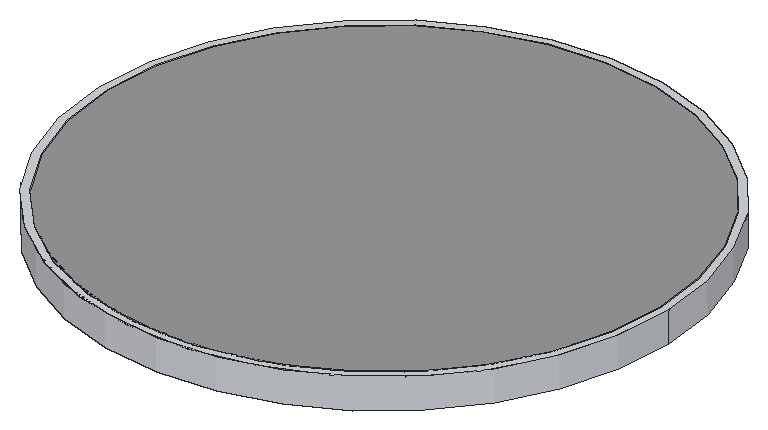
Revit family "2071300", category Lighting Fixtures, host Face, Revit 2018
Family settings
  Host = Face
  Round Connector Dimension = Use Diameter
  Part Type = Junction Box
  OmniClass Number = 23.80.70.00
  OmniClass Title = Lighting
  Cut with Voids When Loaded = No
  Light Source = Yes
  Shared = No
  Room Calculation Point = No
Parameters (values of type "2071300 COLOSSAL 1200 940 OP DIR WHT SSC")
  iner diameter = 1168 mm
  Weight = "n/a"
  Wattage Comments = ""
  Wattage = 30 W
  WarrantyStartDate [instance] = "n/a"
  WarrantyGuarantorParts = "n/a"
  WarrantyDurationUnit = "n/a"
  WarrantyDurationParts = ""
  WarrantyDescription = "http://www.sylvania-lighting.com"
  built-in parameter 1150110 = 1 (stored number, unit not read)
  Voltage = 230 V
  URL = "0.95"
  TypeName = "COLOSSAL 1200mm 940 OPAL DIR WHITE SSC"
  Type Image = <None>
  Type Comments = "n/a"
  built-in parameter 1114217 = 1 (stored number, unit not read)
  Tilt Angle = -90.00°
  built-in parameter 1150109 = 1 (stored number, unit not read)
  built-in parameter 1150134 = (empty or 0)
  built-in parameter 1150113 = 1 (stored number, unit not read)
  SerialNumber [instance] = "n/a"
  Photometric Web File = "2071300.ies"
  Material_3_SYL = LED-Sylvania
  PowerFactor = 0
  PowerConsumption = "Lighting"
  NominalLength = 1168 mm
  NominalHeight = 93 mm
  NominalDepth = 1168 mm
  Name = "COLOSSAL 1200mm 940 OPAL DIR WHITE SSC"
  ModelReference = Name  # "COLOSSAL 1200mm 940 OPAL DIR WHITE SSC"
  ModelNumber = "2071300"
  Model = Name  # "COLOSSAL 1200mm 940 OPAL DIR WHITE SSC"
  Material = "Feilo Sylvania"
  ManufacturerName = "122 lm/W"
  Manufacturer = ""
  LuminousEfficacy = ""
  built-in parameter 1150105 = 270.44 (stored number, unit not read)
  Lumens = 3398.4 lm
  LuminaireType = "0"
  built-in parameter 1150115 = 1 (stored number, unit not read)
  LightOutputRatio = "LED"
  built-in parameter 1150137 = (empty or 0)
  built-in parameter 1150139 = (empty or 0)
  LampsType = Lamp  # "n/a"
  LampNominalLuminous = "4000 K"
  LampMacAdamStep = "90"
  LampColourTemperature = "LED"
  LampColourRenderingIndex = "16500"
  built-in parameter 1150112 = 1 (stored number, unit not read)
  built-in parameter 1150114 = 1 (stored number, unit not read)
  Lamp = "n/a"
  Keynote = "n/a"
  InstallationDate [instance] = "n/a"
  InputVoltage = "0"
  InputNominalFrequency = "4000"
  built-in parameter 1150132 = (empty or 0)
  built-in parameter 1150102 = (empty or 0)
  built-in parameter 1150107 = 3000 (stored number, unit not read)
  built-in parameter 1150138 = (empty or 0)
  IngressProtection = "IfcLightFixtureType"
  ImpactProtectionIndex = "IfcLightFixtureType"
  built-in parameter 1150106 = 2.7044 (stored number, unit not read)
  IfcExportType = "IfcLightFixtureType"
  IfcExportAs = "Class I"
  Emit from Circle Diameter = 385 mm
  Emit Shape Visible in Rendering = no
  ElectricShockClassification = "122"
  built-in parameter 1150104 = 10.524 (stored number, unit not read)
  DocumentationLiterature = "http://www.sylvania-lighting.com/product/en-int/products/2071300"
  DimmingControlOptions = "n/a"
  Material_2_SYL = Polycarbonate_Sylvania_White
  Dimming Lamp Color Temperature Shift = <None>
  Description = "1200mm diameter circular architectural luminaire, can be surface mounted or suspended. Powder coated aluminium housing (RAL9016) with polycarbonate opal diffuser. Direct light distribution, 18745lm luminuous flux, 153.6W system power, 122lm/W luminiaire efficacy. Sylsmart Standalone enabled. Colour rendering index Ra >90, 4000K Neutral White LED, chromaticity tolerance of 3-step MacAdam ellipse. IP40/IP20, IK03. 450mA drive current. Electrical protection Class1, 220-240V. Reported lifetime 66k hours L90B10."
  Default Elevation = 1219.2 mm
  CreatedOn = "23/03/2022"
  CreatedBy = "@sylvania-lighting.com"
  Cost = 0
  Color Filter = 16777215
  built-in parameter 1114216 [instance] = (empty or 0)
  ClassificationValue = "EF_70_80"
  ClassificationName = "Uniclass2015"
  Material_1_SYL = Polycarbonate_Sylvania_Opal
  BarCode [instance] = "n/a"
  built-in parameter 1114218 = 1 (stored number, unit not read)
  built-in parameter 1150133 = 10 (stored number, unit not read)
  AssetType = "Fixed"
  AssetIdentifier [instance] = "n/a"
  Assembly Code = "D5020200"
  Apparent Load = 153.6 VA
  Material_4_SYL = none
Reference planes
  plane 1 "Center (Front/Back)": y = 0
  plane 2: z = 0
  plane 3 "Center (Left/Right)": x = 0
  plane 4: z = 1.161
  plane 5: z = 16.161
  plane 6: y = 584
  plane 7: y = -584
  plane 8: x = 85
  plane 9: x = -85
  plane 10: through (0, 0, 1219.2) normal (0.5, 0.866, 0)
  plane 11: through (42.5, 73.612, 1219.2) normal (0.5, 0.866, 0)
  plane 12: through (-42.5, -73.612, 1219.2) normal (0.5, 0.866, 0)
  plane 13: through (0, 0, 1219.2) normal (0.5, -0.866, 0)
  plane 14: through (-42.5, 73.612, 1219.2) normal (0.5, -0.866, 0)
  plane 15: through (42.5, -73.612, 1219.2) normal (0.5, -0.866, 0)
  plane 16: z = 93
  plane 17: y = 584
  plane 18: y = -584
  plane 19: y = -429
  plane 20: x = -584
  plane 21: x = 584
Forms (mm)
  Extrusion 1, solid, detail levels medium+fine
    sketch origin (0, 0, 0) x (0.866025, -0.5, 0) y (0.5, 0.866025, 0)
      loop
        circle (-50, 86.603) r 22
    from 0 to 2
  Extrusion 2, solid, detail levels medium+fine
    sketch origin (0, 0, 0) x (0.866025, -0.5, 0) y (0.5, 0.866025, 0)
      loop
        circle (100, 0) r 22
      loop
        circle (-50, -86.603) r 22
    from 0 to 2
  Extrusion 3, solid, detail levels medium+fine
    sketch origin (0, 0, 0) x (1, 0, 0) y (0, 1, 0)
      loop
        circle (0, 0) r 584
    from 30 to 93
  Extrusion 4, void
    sketch origin (0, 0, 0) x (1, 0, 0) y (0, 1, 0)
      loop
        circle (0, 0) r 568
    from 96.588 to 37.292
  Extrusion 5, solid, material "Glass, White, High Luminance", detail levels fine
    sketch origin (0, 0, 0) x (1, 0, 0) y (0, 1, 0)
      loop
        circle (0, 0) r 568
    from 88.022 to 93
  Extrusion 6, solid, detail levels coarse
    sketch origin (0, 0, 0) x (1, 0, 0) y (0, 1, 0)
      loop
        line (-584, 584) -> (-584, -584) -> (584, -584) -> (584, 584) -> (-584, 584)
    from 0 to 93
  Blend 7, solid, detail levels medium+fine
    base sketch origin (-10.814, 11.299, 29.922) x (1, 0, 0) y (0, 1, 0)
      loop
        line (-402.654, -330.622) -> (397.346, -330.622) -> (482.346, -183.398) -> (82.346, 509.423) -> (-87.654, 509.423) -> (-487.654, -183.398) -> (-402.654, -330.622)
    top sketch origin (-10.814, 11.299, 29.922) x (1, 0, 0) y (0, 1, 0)
      loop
        line (-363.391, -306.496) -> (364.632, -306.496) -> (449.632, -159.272) -> (87.132, 468.597) -> (-82.868, 468.597) -> (-445.368, -159.272) -> (-363.391, -306.496)
    from 0 to -30
Cuts and joins
  Extrusion 4 cuts Extrusion 1
  Extrusion 4 cuts Extrusion 2
  Extrusion 4 cuts Extrusion 3
Lines and regions (mm)
  model lines, detail levels medium+fine
    curve 1: circle (0, 0, 0) r 155 normal (0, 0, 1)
  reference lines
    curve 2: circle (0, 0, 0) r 489 normal (0, 0, 1)
    curve 3: circle (0, 0, 0) r 521 normal (0, 0, 1)
    curve 4: line (0, 0, 0) -> (606.218, -350, 0)
    curve 5: line (0, 0, 0) -> (0, 825, 0)
    curve 6: line (0, 0, 0) -> (-623.538, -360, 0)
    curve 7: line (639.013, -270.785, 0) -> (85, 49.075, 0)
    curve 8: line (563.718, -423.612, 0) -> (0, -98.15, 0)
    curve 9: line (85, 49.075, 0) -> (85, 825, 0)
    curve 10: line (-85, 49.075, 0) -> (-85, 825, 0)
    curve 11: line (-85, 49.075, 0) -> (-666.038, -286.388, 0)
    curve 12: line (-581.038, -433.612, 0) -> (0, -98.15, 0)
Dimensions and locks
  plane 4 to level = 1.161 mm
  locked: plane 5 to plane 4 at 15
  "NominalDepth": plane 6 to plane 7
  plane 6 to plane 1 "Center (Front/Back)" to plane 7 = 584 mm, 584 mm
  "NominalHeight": level to plane 16
  equal spacing: plane 17, plane 1 "Center (Front/Back)", plane 18
  "NominalLength": plane 20 to plane 21
  equal spacing: plane 20, plane 3 "Center (Left/Right)", plane 21
  aligned and locked: plane 2 to host face
  aligned and locked: level to host face
  aligned and locked: plane 6 to Extrusion 6
Automatic sketch dimensions
  host sketch curve to host sketch curve = 2438.4 mm  (x2)
  Extrusion 1 sketch curve to plane 3 "Center (Left/Right)" = 0 mm
  Extrusion 1 sketch curve to plane 1 "Center (Front/Back)" = 100 mm
  plane 1 "Center (Front/Back)" to Extrusion 2 sketch curve = 50 mm
  Extrusion 2 sketch curve to plane 3 "Center (Left/Right)" = 86.603 mm
  Extrusion 2 sketch curve to Extrusion 2 sketch curve = 150 mm
  Extrusion 2 sketch curve to Extrusion 2 sketch curve = 86.603 mm
  plane 1 "Center (Front/Back)" to curve 1 = 0 mm
  curve 1 to plane 3 "Center (Left/Right)" = 0 mm
  plane 1 "Center (Front/Back)" to Extrusion 3 sketch curve = 0 mm
  Extrusion 3 sketch curve to plane 3 "Center (Left/Right)" = 0 mm
  plane 1 "Center (Front/Back)" to Extrusion 4 sketch curve = 0 mm
  Extrusion 4 sketch curve to plane 3 "Center (Left/Right)" = 0 mm
  plane 1 "Center (Front/Back)" to Extrusion 5 sketch curve = 0 mm
  Extrusion 5 sketch curve to plane 3 "Center (Left/Right)" = 0 mm
  curve 2 to curve 3 = 0 mm  (x2)
  curve 11 to plane 14 = 0 mm
  curve 6 to plane 13 = 0 mm
  curve 12 to plane 15 = 0 mm
  curve 10 to plane 9 = 0 mm
  curve 12 to plane 3 "Center (Left/Right)" = 0 mm
  plane 1 "Center (Front/Back)" to curve 3 = 0 mm
  curve 3 to plane 3 "Center (Left/Right)" = 0 mm
  curve 7 to plane 8 = 0 mm
  curve 11 to plane 10 = 0 mm
  curve 12 to plane 19 = 4.612 mm
  plane 19 to curve 6 = 69 mm
  plane 19 to curve 11 = 142.612 mm
  plane 19 to curve 8 = 5.388 mm
  plane 19 to curve 4 = 79 mm
  plane 19 to curve 7 = 158.215 mm
  plane 6 to curve 5 = 241 mm
  curve 10 to curve 5 = 0 mm
  curve 5 to curve 9 = 0 mm
  plane 1 "Center (Front/Back)" to curve 6 = 0 mm
  curve 6 to plane 3 "Center (Left/Right)" = 0 mm
  Extrusion 6 sketch curve to plane 7 = 0 mm
  Extrusion 6 sketch curve to plane 6 = 0 mm
  Blend 7 sketch curve to plane 6 = 756.098 mm  (x2)
  Blend 7 sketch curve to Blend 7 sketch curve = 85 mm
  plane 3 "Center (Left/Right)" to Blend 7 sketch curve = 386.532 mm
  plane 8 to Blend 7 sketch curve = 386.532 mm
  Blend 7 sketch curve to plane 6 = 63.278 mm
  Blend 7 sketch curve to plane 6 = 731.972 mm  (x2)
  Blend 7 sketch curve to Blend 7 sketch curve = 81.977 mm
  plane 3 "Center (Left/Right)" to Blend 7 sketch curve = 353.818 mm
  plane 8 to Blend 7 sketch curve = 353.818 mm
  Blend 7 sketch curve to plane 6 = 104.104 mm
  plane 12 to curve 8 = 0 mm
  plane 19 to Blend 7 sketch curve = 109.677 mm
  plane 19 to Blend 7 sketch curve = 133.803 mm
  plane 8 to Extrusion 6 sketch curve = 499 mm
  Extrusion 6 sketch curve to plane 9 = 499 mm
  Blend 7 sketch curve to plane 8 = 13.468 mm
  Blend 7 sketch curve to plane 9 = 13.468 mm
  Blend 7 sketch curve to plane 9 = 328.468 mm
  Blend 7 sketch curve to plane 8 = 8.682 mm
  Blend 7 sketch curve to plane 9 = 8.682 mm
  Blend 7 sketch curve to plane 9 = 289.205 mm
  plane 10 to curve 4 = 0 mm
  plane 11 to curve 7 = 0 mm
  curve 12 to plane 12 = 0 mm
  curve 9 to plane 11 = 0 mm
  radius of Extrusion 1 sketch curve = 22 mm
  radius of Extrusion 2 sketch curve = 22 mm  (x2)
  radius of curve 1 = 155 mm
  radius of Extrusion 3 sketch curve = 584 mm
  radius of Extrusion 4 sketch curve = 568 mm
  radius of Extrusion 5 sketch curve = 568 mm
  radius of curve 2 = 489 mm
  radius of curve 3 = 521 mm
Connectors
  electrical at (0, 0, 30)
    settings: on cut or joined group of Extrusion 3, Extrusion 4, index 1, voltage 0 V, apparent load 0 VA, apparent load phase1 0 VA, apparent load phase2 0 VA, apparent load phase3 0 VA, power factor 1, load classification "Other", number of poles 1, system type 31, power factor state 1, is connector primary yes, connector utility no, sub classification motor no, connector description ""
